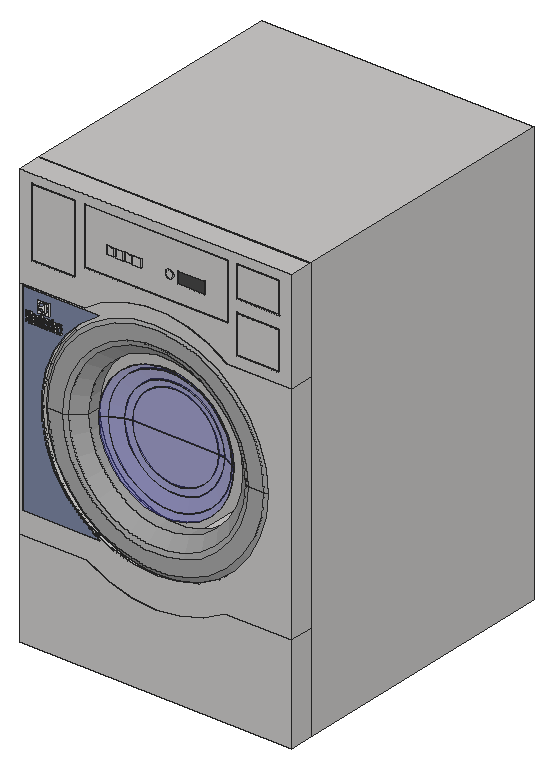
Revit family "QF_ELECTROLUXPROFESSIONAL_1LSNA3_TE1220E", category Specialty Equipment, Revit 2014 (continued)
Automatic sketch dimensions
  Extrusion 27 sketch curve to Extrusion 27 sketch curve = 0.043 mm
  Extrusion 27 sketch curve to Extrusion 27 sketch curve = 1.459 mm
  Extrusion 27 sketch curve to Extrusion 27 sketch curve = 2.044 mm
  Extrusion 27 sketch curve to Extrusion 27 sketch curve = 0.323 mm
  Extrusion 27 sketch curve to Extrusion 27 sketch curve = 1.43 mm
  Extrusion 27 sketch curve to Extrusion 27 sketch curve = 2.692 mm  (x2)
  Extrusion 27 sketch curve to Extrusion 27 sketch curve = 7.068 mm
  Extrusion 27 sketch curve to Extrusion 27 sketch curve = 1.934 mm
  Extrusion 27 sketch curve to Extrusion 27 sketch curve = 1.058 mm
  Extrusion 27 sketch curve to Extrusion 27 sketch curve = 1.034 mm  (x4)
  Extrusion 27 sketch curve to Extrusion 27 sketch curve = 1.157 mm
  Extrusion 27 sketch curve to Extrusion 27 sketch curve = 0.881 mm
  Extrusion 27 sketch curve to Extrusion 27 sketch curve = 1.111 mm
  Extrusion 27 sketch curve to Extrusion 27 sketch curve = 0.49 mm
  Extrusion 27 sketch curve to Extrusion 27 sketch curve = 0.464 mm
  Extrusion 27 sketch curve to Extrusion 27 sketch curve = 1.509 mm
  Extrusion 27 sketch curve to Extrusion 27 sketch curve = 0.932 mm
  Extrusion 27 sketch curve to Extrusion 27 sketch curve = 1.11 mm
  Extrusion 27 sketch curve to Extrusion 27 sketch curve = 2.524 mm
  Extrusion 27 sketch curve to Extrusion 27 sketch curve = 1.044 mm
  Extrusion 27 sketch curve to Extrusion 27 sketch curve = 1.005 mm  (x2)
  Extrusion 27 sketch curve to Extrusion 27 sketch curve = 2.261 mm
  Extrusion 27 sketch curve to Extrusion 27 sketch curve = 0.039 mm
  Extrusion 27 sketch curve to Extrusion 27 sketch curve = 2.525 mm
  Extrusion 27 sketch curve to Extrusion 27 sketch curve = 1.915 mm
  Extrusion 27 sketch curve to Extrusion 27 sketch curve = 1.54 mm
  Extrusion 27 sketch curve to Extrusion 27 sketch curve = 6.935 mm
  Extrusion 27 sketch curve to Extrusion 27 sketch curve = 6.556 mm
  Extrusion 27 sketch curve to Extrusion 27 sketch curve = 5.536 mm
  Extrusion 27 sketch curve to Extrusion 27 sketch curve = 0.436 mm  (x2)
  Extrusion 27 sketch curve to Extrusion 27 sketch curve = 1.551 mm  (x2)
  Extrusion 27 sketch curve to Extrusion 27 sketch curve = 0.211 mm  (x2)
  Extrusion 27 sketch curve to Extrusion 27 sketch curve = 0.238 mm  (x2)
  Extrusion 27 sketch curve to Extrusion 27 sketch curve = 0.121 mm  (x2)
  Extrusion 27 sketch curve to Extrusion 27 sketch curve = 0.369 mm  (x2)
  Extrusion 27 sketch curve to Extrusion 27 sketch curve = 0.007 mm  (x2)
  Extrusion 27 sketch curve to Extrusion 27 sketch curve = 0.094 mm  (x2)
  Extrusion 27 sketch curve to Extrusion 27 sketch curve = 0.139 mm  (x2)
  Extrusion 27 sketch curve to Extrusion 27 sketch curve = 0.17 mm  (x2)
  Extrusion 27 sketch curve to Extrusion 27 sketch curve = 0.08 mm  (x2)
  Extrusion 27 sketch curve to Extrusion 27 sketch curve = 0.095 mm  (x2)
  Extrusion 27 sketch curve to Extrusion 27 sketch curve = 10.261 mm
  Extrusion 27 sketch curve to Extrusion 27 sketch curve = 0.432 mm  (x2)
  Extrusion 27 sketch curve to Extrusion 27 sketch curve = 2.837 mm
  Extrusion 27 sketch curve to Extrusion 27 sketch curve = 1.28 mm  (x2)
  Extrusion 27 sketch curve to Extrusion 27 sketch curve = 0.897 mm  (x2)
  Extrusion 27 sketch curve to Extrusion 27 sketch curve = 2.483 mm
  Extrusion 27 sketch curve to Extrusion 27 sketch curve = 1.403 mm
  Extrusion 27 sketch curve to Extrusion 27 sketch curve = 2.3 mm
  Extrusion 27 sketch curve to Extrusion 27 sketch curve = 0.278 mm
  Extrusion 27 sketch curve to Extrusion 27 sketch curve = 0.055 mm
  Extrusion 27 sketch curve to Extrusion 27 sketch curve = 2.277 mm
  Extrusion 27 sketch curve to Extrusion 27 sketch curve = 2.5 mm
  Extrusion 27 sketch curve to Extrusion 27 sketch curve = 4.162 mm
  Extrusion 27 sketch curve to Extrusion 27 sketch curve = 3.972 mm
  Extrusion 27 sketch curve to Extrusion 27 sketch curve = 0.049 mm
  Extrusion 27 sketch curve to Extrusion 27 sketch curve = 0.188 mm
  Extrusion 27 sketch curve to Extrusion 27 sketch curve = 1.466 mm
  Extrusion 27 sketch curve to Extrusion 27 sketch curve = 0.158 mm
  Extrusion 27 sketch curve to Extrusion 27 sketch curve = 0.575 mm
  Extrusion 27 sketch curve to Extrusion 27 sketch curve = 4.547 mm
  Extrusion 27 sketch curve to Extrusion 27 sketch curve = 4.265 mm
  Extrusion 27 sketch curve to Extrusion 27 sketch curve = 0.181 mm
  Extrusion 27 sketch curve to Extrusion 27 sketch curve = 0.042 mm  (x4)
  Extrusion 27 sketch curve to Extrusion 27 sketch curve = 2.073 mm
  Extrusion 27 sketch curve to Extrusion 27 sketch curve = 2.557 mm
  Extrusion 27 sketch curve to Extrusion 27 sketch curve = 6.418 mm
  Extrusion 27 sketch curve to Extrusion 27 sketch curve = 2.6 mm
  Extrusion 27 sketch curve to Extrusion 27 sketch curve = 0.063 mm
  Extrusion 27 sketch curve to Extrusion 27 sketch curve = 1.604 mm
  Extrusion 27 sketch curve to Extrusion 27 sketch curve = 4.107 mm
  Extrusion 27 sketch curve to Extrusion 27 sketch curve = 1.173 mm
  Extrusion 27 sketch curve to Extrusion 27 sketch curve = 0.701 mm
  Extrusion 27 sketch curve to Extrusion 27 sketch curve = 0.021 mm
  Extrusion 27 sketch curve to Extrusion 27 sketch curve = 1.778 mm
  Extrusion 27 sketch curve to Extrusion 27 sketch curve = 1.952 mm
  Extrusion 27 sketch curve to Extrusion 27 sketch curve = 2.342 mm
  Extrusion 27 sketch curve to Extrusion 27 sketch curve = 0.848 mm
  Extrusion 27 sketch curve to Extrusion 27 sketch curve = 1.004 mm
  Extrusion 27 sketch curve to Extrusion 27 sketch curve = 0.983 mm
  Extrusion 27 sketch curve to Extrusion 27 sketch curve = 2.068 mm
  Extrusion 27 sketch curve to Extrusion 27 sketch curve = 5.916 mm
  Extrusion 27 sketch curve to Extrusion 27 sketch curve = 0.904 mm
  Extrusion 27 sketch curve to Extrusion 27 sketch curve = 0.862 mm
  Extrusion 27 sketch curve to Extrusion 27 sketch curve = 2.504 mm
  Extrusion 27 sketch curve to Extrusion 27 sketch curve = 1.033 mm
  Extrusion 27 sketch curve to Extrusion 27 sketch curve = 1.176 mm  (x2)
  Extrusion 27 sketch curve to Extrusion 27 sketch curve = 0.974 mm  (x2)
  Extrusion 27 sketch curve to Extrusion 27 sketch curve = 0.113 mm  (x2)
  Extrusion 27 sketch curve to Extrusion 27 sketch curve = 0.347 mm  (x2)
  Extrusion 27 sketch curve to Extrusion 27 sketch curve = 0.294 mm  (x2)
  Extrusion 27 sketch curve to Extrusion 27 sketch curve = 0.31 mm  (x2)
  Extrusion 27 sketch curve to Extrusion 27 sketch curve = 0.81 mm  (x2)
  plane 4 "LEFT" to Extrusion 28 sketch curve = 6 mm
  level to Extrusion 28 sketch curve = 580 mm
  Extrusion 28 sketch curve to plane 3 "Center (Left/Right)" = 142.004 mm  (x2)
  Extrusion 28 sketch curve to plane 9 "TOP" = 264 mm
  Extrusion 28 sketch curve to plane 3 "Center (Left/Right)" = 0 mm
  Extrusion 29 sketch curve to plane 3 "Center (Left/Right)" = 0 mm
  Extrusion 29 sketch curve to plane 9 "TOP" = 518 mm
  Extrusion 29 sketch curve to plane 9 "TOP" = 264 mm
  Extrusion 29 sketch curve to plane 3 "Center (Left/Right)" = 142.004 mm  (x2)
  plane 4 "LEFT" to Extrusion 29 sketch curve = 6 mm
  radius of Extrusion 2 sketch curve = 242.757 mm
  radius of Extrusion 6 sketch curve = 20 mm
  radius of Extrusion 7 sketch curve = 11 mm
  radius of Extrusion 8 sketch curve = 20 mm
  radius of Extrusion 9 sketch curve = 11 mm
  radius of Revolve 10 sketch curve = 285 mm
  radius of Extrusion 11 sketch curve = 20 mm
  radius of Extrusion 12 sketch curve = 11 mm
  radius of Extrusion 13 sketch curve = 20 mm
  radius of Extrusion 14 sketch curve = 11 mm
  radius of Extrusion 17 sketch curve = 285 mm
  radius of Extrusion 19 sketch curve = 10 mm
  radius of Extrusion 21 sketch curve = 10 mm
  radius of Extrusion 23 sketch curve = 51 mm
  radius of Extrusion 26 sketch curve = 5 mm
  radius of Extrusion 27 sketch curve = 2.611 mm  (x2)
  radius of Extrusion 27 sketch curve = 1.657 mm
  radius of Extrusion 27 sketch curve = 1.564 mm
Connectors
  electrical at (-209.295, 411, 810)
    settings: on Extrusion 26, index 6, voltage 0 V, apparent load 0 VA, apparent load phase1 0 VA, apparent load phase2 0 VA, apparent load phase3 0 VA, power factor 1, load classification "Other", number of poles 1, system type 30, power factor state 1, is connector primary yes, connector utility no, sub classification motor no, connector description "Electrical Connection"
  hvac at (27.1, 360.57, 84.8)
    settings: on Extrusion 23, index 7, duct flow 0.0 L/s, flow factor 0, pres drop 0.0 Pa, loss coef 0, conn angle 0.00°, conn width 304.8 mm, conn height 304.8 mm, conn diameter 102 mm, duct sys type 2, conn prof type 0, flow config 1, flow direction 2, loss method 0, conn ref index -1, conn util no, is conn primary yes, conn desc "Air connection"
